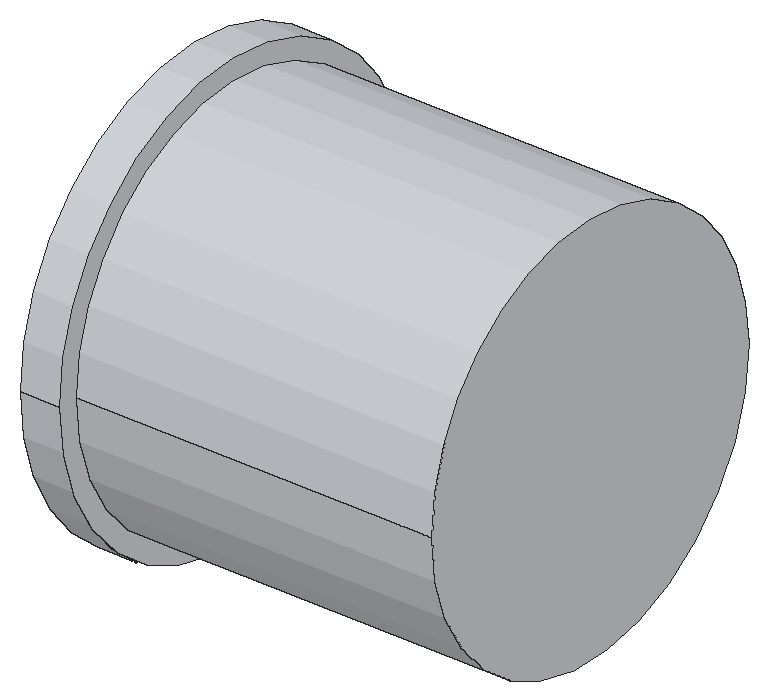
Revit family "M_Cobertura do conduíte - PVC", category Conexões do conduite, Revit 2019
Family settings
  Cota do conector redondo = Usar raio
  Tipo de parte = Cobertura
  Número OmniClass = 23.80.30.17.11
  Título OmniClass = Conduits
  ID de item do Seek = Conduit Cap - PVC-0000-CAN-ENU
  Com base no plano de trabalho = Não
  Sempre na vertical = Sim
  Corte com vazios quando carregada = Não
  Compartilhado = Não
Parameters (values of type "Padrão")
  Raio 1 [instance] = Raio externo da conexão * 1.1  # 15.088 mm
  Raio nominal [instance] = 8 mm
  Diâmetro nominal [instance] = Raio nominal * 2  # 16 mm
  Comprimento 1 [instance] = Comprimento * 0.1  # 2.738 mm
  Comprimento [instance] = size_lookup(Pesquisa de tamanho de conduite, "Lgt", 0.43 * Diâmetro nominal + 27.186 mm, Diâmetro nominal)  # 27.381 mm
  Raio externo da conexão [instance] = Diâmetro externo da conexão / 2  # 13.716 mm
  Diâmetro externo da conexão [instance] = size_lookup(Pesquisa de tamanho de conduite, "FOD", 1.14 * Diâmetro nominal + 12.7 mm, Diâmetro nominal)  # 27.432 mm
  Pesquisa de tamanho de conduite = "M_Conduit Cap - PVC"
Reference planes
  plane 1 "Centro (Frente/Trás)": y = 0
  plane 2: z = 0
  plane 3 "Centro (Esquerda/Direita)": x = 0
  plane 4: x = 27.381
  plane 5: x = 2.738
Forms (mm)
  Extrusion 1, solid, detail levels fine
    sketch origin (0, 0, 0) x (0, 1, 0) y (0, 0, 1)
      loop
        circle (0, 0) r 13.716
    from 0 to 27.381
  Extrusion 2, solid, detail levels fine
    sketch origin (0, 0, 0) x (0, 1, 0) y (0, 0, 1)
      loop
        circle (0, 0) r 15.088
    from 0 to 2.738
Cuts and joins
  joined: Extrusion 1, Extrusion 2
Lines and regions (mm)
  model lines, detail levels coarse+medium
    curve 1: line (0, 0, 0) -> (27.381, 0, 0)
Dimensions and locks
  "Comprimento": plane 3 "Centro (Esquerda/Direita)" to plane 4
  "Comprimento 1": plane 3 "Centro (Esquerda/Direita)" to plane 5
  "Raio externo da conexão": radius of Extrusion 1 sketch curve
  "Raio 1": radius of Extrusion 2 sketch curve
  aligned and locked: plane 3 "Centro (Esquerda/Direita)" to curve 1
  aligned and locked: plane 4 to curve 1
  aligned and locked: plane 1 "Centro (Frente/Trás)" to curve 1
  aligned and locked: plane 1 "Centro (Frente/Trás)" to Extrusion 1 sketch curve
  aligned and locked: plane 2 to Extrusion 1 sketch curve
  aligned and locked: Extrusion 1 to plane 3 "Centro (Esquerda/Direita)"
  aligned and locked: plane 4 to Extrusion 1
  aligned and locked: plane 2 to Extrusion 2 sketch curve
  aligned and locked: plane 1 "Centro (Frente/Trás)" to Extrusion 2 sketch curve
  aligned and locked: Extrusion 2 to plane 3 "Centro (Esquerda/Direita)"
  aligned and locked: plane 5 to Extrusion 2
Connectors
  cabletrayconduit at (0, 0, 0), diameter 16, driven by "Raio nominal"
    settings: on cut or joined group of Extrusion 1, Extrusion 2, index 1, connector width 304.8 mm, connector height 304.8 mm, connector angle 0.00°, system type 32, placement type 0, profile type 0, connector reference index -1, is primary connector yes, connector utility param no, connector description ""
